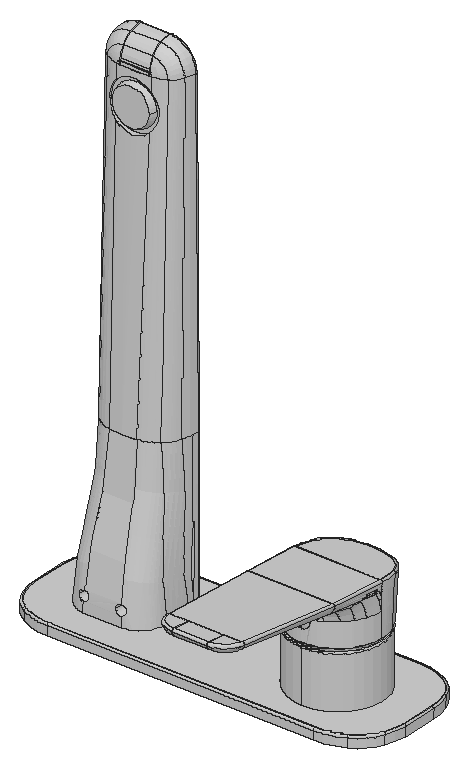
Revit family "CONTURA II WALL BASIN-BATH MIXER 220MM LF", category Plumbing Fixtures, host Face, Revit 2020
Family settings
  Host = Face
  Round Connector Dimension = Use Diameter
  Part Type = Normal
  OmniClass Number = 23.45.55.17
  OmniClass Title = Mixing Faucets
  Cut with Voids When Loaded = Yes
  Shared = No
  Room Calculation Point = No
Parameters (values of type "CONTURA II WALL BASIN-BATH MIXER 220MM LF - CHROME")
  Waste Connection = no
  Vent Connection = no
  URL = "https://www.caroma.com.au/"
  Model = "849053C6AF"
  Base_Material = GWA_Metal-Chrome
  Manufacturer = "GWA Bathrooms & Kitchens"  # constant formula
  HW Connection = yes
  Description = "CONTURA II WALL BASIN-BATH MIXER 220MM LF - CHROME"
  Default Elevation = 0 mm
  CreatedBy_ANZRS = "GWA Bathrooms & Kitchens"  # constant formula
  CW Connection = yes
  Assembly Code = "D2020300"
Types (6, lengths in mm): name | Model | Base_Material | Description
  (no name) | "849053C6AF" | GWA_Metal-Chrome | "CONTURA II WALL BASIN-BATH MIXER 220MM LF - CHROME"
  CONTURA II WALL BASIN-BATH MIXER 220MM LF - CHROME | "849053C6AF" | GWA_Metal-Chrome | "CONTURA II WALL BASIN-BATH MIXER 220MM LF - CHROME"
  CONTURA II WALL BASIN-BATH MIXER 220MM LF - MATTE BLACK | "849053B6AF" | GWA-Metal-Black | "CONTURA II WALL BASIN-BATH MIXER 220MM LF - MATTE BLACK"
  CONTURA II WALL BASIN-BATH MIXER 220MM LF - BRUSHED BRASS | "849053BB6AF" | GWA_Metal-Brushed-Brass | "CONTURA II WALL BASIN-BATH MIXER 220MM LF - BRUSHED BRASS"
  CONTURA II WALL BASIN-BATH MIXER 220MM LF - BRUSHED BRONZE | "849053BBZ6AF" | GWA_Metal-Brushed-Bronze | "CONTURA II WALL BASIN-BATH MIXER 220MM LF - BRUSHED BRONZE"
  CONTURA II WALL BASIN-BATH MIXER 220MM LF - BRUSHED NICKEL | "849053BN6AF" | GWA_Metal-Brushed-Nickel | "CONTURA II WALL BASIN-BATH MIXER 220MM LF - BRUSHED NICKEL"
Reference planes
  plane 1 "Center (Front/Back)": y = 0
  plane 2: z = 0
  plane 3 "Center (Left/Right)": x = 0
Forms (mm)
  Sweep 1, solid, material "GWA_Metal-Chrome" <- "Base_Material"
    path origin (0, 0, 0) x (1, 0, 0) y (0, 1, 0)
      loop
        arc (-114.48, 32.5) -> (-121.599, 31.638) -> (-128.307, 29.103) r 29.842
        arc (-128.307, 29.103) -> (-134.006, 24.641) -> (-137.736, 18.439) r 19.936
        arc (-137.736, 18.439) -> (-139.138, 13.597) -> (-139.781, 8.596) r 32.769
        arc (-139.781, 8.596) -> (-140, 0) -> (-139.781, -8.596) r 168.958
        arc (-139.781, -8.596) -> (-139.138, -13.597) -> (-137.736, -18.439) r 32.769
        arc (-137.736, -18.439) -> (-134.006, -24.641) -> (-128.307, -29.103) r 19.936
        arc (-128.307, -29.103) -> (-121.599, -31.638) -> (-114.48, -32.5) r 29.842
        line (-114.48, -32.5) -> (14.48, -32.5)
        arc (14.48, -32.5) -> (21.599, -31.638) -> (28.307, -29.103) r 29.842
        arc (28.307, -29.103) -> (34.006, -24.641) -> (37.736, -18.439) r 19.936
        arc (37.736, -18.439) -> (39.138, -13.597) -> (39.781, -8.596) r 32.769
        arc (39.781, -8.596) -> (40, 0) -> (39.781, 8.596) r 168.958
        arc (39.781, 8.596) -> (39.138, 13.597) -> (37.736, 18.439) r 32.769
        arc (37.736, 18.439) -> (34.006, 24.641) -> (28.307, 29.103) r 19.936
        arc (28.307, 29.103) -> (21.599, 31.638) -> (14.48, 32.5) r 29.842
        line (14.48, 32.5) -> (-114.48, 32.5)
    profile origin (-50, 32.5, 0) x (0, 1, 0) y (0, 0, 1)
      loop
        line (0, 0) -> (0, 4.2)
        arc (0, 4.2) -> (-0.293, 4.907) -> (-1, 5.2) r 1
        line (-1, 5.2) -> (-1, 0) -> (0, 0)
  Extrusion 2, solid, material "GWA_Metal-Chrome" <- "Base_Material"
    sketch origin (0, 0, 0) x (1, 0, 0) y (0, 1, 0)
      loop
        circle (0, 0) r 21.8
      loop
        arc (-114.48, 31.5) -> (-121.361, 30.667) -> (-127.844, 28.217) r 28.842
        arc (-127.844, 28.217) -> (-133.257, 23.979) -> (-136.799, 18.088) r 18.936
        arc (-136.799, 18.088) -> (-138.159, 13.393) -> (-138.782, 8.545) r 31.769
        arc (-138.782, 8.545) -> (-139, 0) -> (-138.782, -8.545) r 167.958
        arc (-138.782, -8.545) -> (-138.159, -13.393) -> (-136.799, -18.088) r 31.769
        arc (-136.799, -18.088) -> (-133.257, -23.979) -> (-127.844, -28.217) r 18.936
        arc (-127.844, -28.217) -> (-121.361, -30.667) -> (-114.48, -31.5) r 28.842
        line (-114.48, -31.5) -> (14.48, -31.5)
        arc (14.48, -31.5) -> (21.361, -30.667) -> (27.844, -28.217) r 28.842
        arc (27.844, -28.217) -> (33.257, -23.979) -> (36.799, -18.088) r 18.936
        arc (36.799, -18.088) -> (38.159, -13.393) -> (38.782, -8.545) r 31.769
        arc (38.782, -8.545) -> (39, 0) -> (38.782, 8.545) r 167.958
        arc (38.782, 8.545) -> (38.159, 13.393) -> (36.799, 18.088) r 31.769
        arc (36.799, 18.088) -> (33.257, 23.979) -> (27.844, 28.217) r 18.936
        arc (27.844, 28.217) -> (21.361, 30.667) -> (14.48, 31.5) r 28.842
        line (14.48, 31.5) -> (-114.48, 31.5)
    from 0 to 5.2
  Revolve 3, solid, material "GWA_Metal-Chrome" <- "Base_Material"
    sketch origin (0, 0, 0) x (0, 1, 0) y (0, 0, 1)
      loop
        arc (-15.92, 36.8) -> (-18.261, 34.183) -> (-20.177, 31.24) r 23
        arc (-20.177, 31.24) -> (-20.169, 30.745) -> (-19.739, 30.5) r 0.5
        line (-19.739, 30.5) -> (0, 30.5) -> (0, 36.8) -> (-15.92, 36.8)
      axis (0, 30.5) -> (0, 36.8)
    angle from 0 to 360
  Revolve 4, solid, material "GWA_Metal-Chrome" <- "Base_Material"
    sketch origin (0, 0, 0) x (0, 1, 0) y (0, 0, 1)
      loop
        line (0, 30.5) -> (-21, 30.5)
        arc (-21, 30.5) -> (-21.354, 30.354) -> (-21.5, 30) r 0.5
        line (-21.5, 30) -> (-21.5, 0) -> (0, 0) -> (0, 30.5)
      axis (0, 0) -> (0, 30.5)
    angle from 0 to 360
Lines and regions (mm)
  Masking region 1
    outline origin (0, 0, 0) x (0, 1, 0) y (0, 0, 1)
      loop
        line (32.5, 0) -> (32.5, 4.2)
        arc (32.5, 4.2) -> (32.207, 4.907) -> (31.5, 5.2) r 1
        line (31.5, 5.2) -> (21.5, 5.2) -> (21.5, 30)
        arc (21.5, 30) -> (21.354, 30.354) -> (21, 30.5) r 0.5
        line (21, 30.5) -> (-21, 30.5)
        arc (-21, 30.5) -> (-21.354, 30.354) -> (-21.5, 30) r 0.5
        line (-21.5, 30) -> (-21.5, 5.2) -> (-31.5, 5.2)
        arc (-31.5, 5.2) -> (-32.207, 4.907) -> (-32.5, 4.2) r 1
        line (-32.5, 4.2) -> (-32.5, 0) -> (32.5, 0)
      loop
        arc (-66.761, 63.338) -> (-73.285, 63.888) -> (-79.813, 64.392) r 914.227
        arc (-79.813, 64.392) -> (-84.22, 64.706) -> (-88.635, 64.998) r 914.138
        arc (-88.635, 64.998) -> (-89.418, 64.695) -> (-89.694, 63.901) r 1
        arc (-89.694, 63.901) -> (-89.223, 62.428) -> (-88.193, 61.276) r 3.705
        arc (-88.193, 61.276) -> (-86.039, 60.083) -> (-83.656, 59.463) r 9.844
        line (-83.656, 59.463) -> (-80.255, 59.02)
        arc (-80.255, 59.02) -> (-77.655, 58.68) -> (-75.055, 58.343) r 2544.513
        line (-75.055, 58.343) -> (-29.24, 52.379)
        arc (-29.24, 52.379) -> (-26.806, 51.634) -> (-24.754, 50.13) r 7.627
        arc (-24.754, 50.13) -> (-22.987, 47.769) -> (-21.878, 45.036) r 11.508
        arc (-21.878, 45.036) -> (-22.18, 41.811) -> (-21.5, 38.645) r 10.659
        line (-21.5, 38.645) -> (-21.5, 32.5) -> (21.5, 32.5) -> (21.5, 53.892)
        arc (21.5, 53.892) -> (21.262, 54.54) -> (20.661, 54.879) r 1
        arc (20.661, 54.879) -> (18.082, 55.286) -> (15.5, 55.67) r 283.348
        line (15.5, 55.67) -> (15.5, 235.279)
        arc (15.5, 235.279) -> (15.46, 241.195) -> (15.341, 247.111) r 440
        arc (15.341, 247.111) -> (15.024, 247.815) -> (14.3, 248.083) r 1
        arc (14.3, 248.083) -> (9.274, 246.686) -> (5.389, 243.206) r 11.452
        arc (5.389, 243.206) -> (2.979, 238.971) -> (1.395, 234.363) r 26.205
        arc (1.395, 234.363) -> (0.946, 230.806) -> (1.299, 227.239) r 16
        arc (1.299, 227.239) -> (1.924, 217.895) -> (-0.136, 208.76) r 32.568
        arc (-0.136, 208.76) -> (-0.367, 207.966) -> (-0.464, 207.145) r 5
        line (-0.464, 207.145) -> (-5.009, 76.98)
        arc (-5.009, 76.98) -> (-5.818, 67.491) -> (-7.573, 58.131) r 95
        line (-7.573, 58.131) -> (-66.761, 63.338)
  Masking region 2
    outline origin (0, 0, 0) x (0, 1, 0) y (0, 0, 1)
      loop
        arc (19.739, 30.5) -> (20.169, 30.745) -> (20.177, 31.24) r 0.5
        arc (20.177, 31.24) -> (19.816, 31.876) -> (19.435, 32.5) r 23
        line (19.435, 32.5) -> (-19.435, 32.5)
        arc (-19.435, 32.5) -> (-19.816, 31.876) -> (-20.177, 31.24) r 23
        arc (-20.177, 31.24) -> (-20.169, 30.745) -> (-19.739, 30.5) r 0.5
        line (-19.739, 30.5) -> (19.739, 30.5)
  Masking region 3
    outline origin (0, 0, -234.316) x (1, 0, 0) y (0, 0, 1)
      loop
        line (-140, 234.316) -> (40, 234.316) -> (40, 238.516)
        arc (40, 238.516) -> (39.707, 239.223) -> (39, 239.516) r 1
        line (39, 239.516) -> (21.5, 239.516) -> (21.5, 264.316)
        arc (21.5, 264.316) -> (21.354, 264.67) -> (21, 264.816) r 0.5
        line (21, 264.816) -> (-21, 264.816)
        arc (-21, 264.816) -> (-21.354, 264.67) -> (-21.5, 264.316) r 0.5
        line (-21.5, 264.316) -> (-21.5, 239.516) -> (-78.76, 239.516) -> (-80.141, 469.978)
        arc (-80.141, 469.978) -> (-83.609, 478.483) -> (-91.99, 482.241) r 12.347
        arc (-91.99, 482.241) -> (-100, 482.402) -> (-108.01, 482.241) r 198.646
        arc (-108.01, 482.241) -> (-116.391, 478.483) -> (-119.859, 469.978) r 12.347
        line (-119.859, 469.978) -> (-121.24, 239.516) -> (-139, 239.516)
        arc (-139, 239.516) -> (-139.707, 239.223) -> (-140, 238.516) r 1
        line (-140, 238.516) -> (-140, 234.316)
      loop
        line (-21.5, 266.816) -> (21.5, 266.816) -> (21.5, 289.422)
        arc (21.5, 289.422) -> (20.775, 293.69) -> (18.68, 297.478) r 12.917
        arc (18.68, 297.478) -> (17.817, 298.215) -> (16.742, 298.579) r 3
        arc (16.742, 298.579) -> (13.136, 298.976) -> (9.513, 299.178) r 67.649
        arc (9.513, 299.178) -> (0, 299.317) -> (-9.513, 299.178) r 327.745
        arc (-9.513, 299.178) -> (-13.136, 298.976) -> (-16.742, 298.579) r 67.649
        arc (-16.742, 298.579) -> (-17.817, 298.215) -> (-18.68, 297.478) r 3
        arc (-18.68, 297.478) -> (-20.775, 293.69) -> (-21.5, 289.422) r 12.917
        line (-21.5, 289.422) -> (-21.5, 266.816)
  Masking region 4
    outline origin (0, 0, -234.316) x (1, 0, 0) y (0, 0, 1)
      loop
        line (19.435, 266.816) -> (-19.435, 266.816)
        arc (-19.435, 266.816) -> (-19.816, 266.192) -> (-20.177, 265.556) r 23
        arc (-20.177, 265.556) -> (-20.169, 265.061) -> (-19.739, 264.816) r 0.5
        line (-19.739, 264.816) -> (19.739, 264.816)
        arc (19.739, 264.816) -> (20.169, 265.061) -> (20.177, 265.556) r 0.5
        arc (20.177, 265.556) -> (19.816, 266.192) -> (19.435, 266.816) r 23
  Masking region 5
    outline origin (0, 0, 0) x (1, 0, 0) y (0, 1, 0)
      loop
        arc (20.977, -31.784) -> (24.73, -30.684) -> (28.307, -29.103) r 29.842
        arc (28.307, -29.103) -> (34.006, -24.641) -> (37.736, -18.439) r 19.936
        arc (37.736, -18.439) -> (39.138, -13.597) -> (39.781, -8.596) r 32.769
        arc (39.781, -8.596) -> (40, 0) -> (39.781, 8.596) r 168.958
        arc (39.781, 8.596) -> (39.138, 13.597) -> (37.736, 18.439) r 32.769
        arc (37.736, 18.439) -> (34.006, 24.641) -> (28.307, 29.103) r 19.936
        arc (28.307, 29.103) -> (21.599, 31.638) -> (14.48, 32.5) r 29.842
        line (14.48, 32.5) -> (-114.48, 32.5)
        arc (-114.48, 32.5) -> (-121.599, 31.638) -> (-128.307, 29.103) r 29.842
        arc (-128.307, 29.103) -> (-134.006, 24.641) -> (-137.736, 18.439) r 19.936
        arc (-137.736, 18.439) -> (-139.138, 13.597) -> (-139.781, 8.596) r 32.769
        arc (-139.781, 8.596) -> (-140, 0) -> (-139.781, -8.596) r 168.958
        arc (-139.781, -8.596) -> (-139.138, -13.597) -> (-137.736, -18.439) r 32.769
        arc (-137.736, -18.439) -> (-134.006, -24.641) -> (-128.307, -29.103) r 19.936
        arc (-128.307, -29.103) -> (-121.599, -31.638) -> (-114.48, -32.5) r 29.842
        line (-114.48, -32.5) -> (-20.955, -32.5)
        arc (-20.955, -32.5) -> (-20.007, -55.246) -> (-18.593, -77.967) r 1110.789
        arc (-18.593, -77.967) -> (-18.119, -80.677) -> (-17.111, -83.238) r 13.668
        arc (-17.111, -83.238) -> (-13.503, -87.334) -> (-8.387, -89.236) r 11.189
        arc (-8.387, -89.236) -> (0, -89.695) -> (8.387, -89.236) r 76.764
        arc (8.387, -89.236) -> (13.503, -87.334) -> (17.111, -83.238) r 11.189
        arc (17.111, -83.238) -> (18.119, -80.677) -> (18.593, -77.967) r 13.668
        arc (18.593, -77.967) -> (20.025, -54.888) -> (20.977, -31.784) r 1110.789
  symbolic lines
    curve 1: line (-140, 0, 0) -> (40, 0, 0)
    curve 2: line (0, 32.5, 0) -> (0, 32.5, 4.2)
    curve 3: arc (0, 32.5, 4.2) -> (0, 32.207, 4.907) -> (0, 31.5, 5.2) r 1
    curve 4: line (0, 31.5, 5.2) -> (0, -31.5, 5.2)
    curve 5: arc (0, -31.5, 5.2) -> (0, -32.207, 4.907) -> (0, -32.5, 4.2) r 1
    curve 6: line (0, -32.5, 4.2) -> (0, -32.5, 0)
    curve 7: arc (-120.046, 15.043, 0) -> (-100, 15.5, 0) -> (-79.954, 15.043, 0) r 440
    curve 8: arc (-79.954, 15.043, 0) -> (-79.277, 14.735, 0) -> (-79, 14.044, 0) r 1
    curve 9: line (-79, 14.044, 0) -> (-79, -4.7, 0)
    curve 10: arc (-79, -4.7, 0) -> (-82.749, -13.751, 0) -> (-91.8, -17.5, 0) r 12.8
    curve 11: line (-91.8, -17.5, 0) -> (-108.2, -17.5, 0)
    curve 12: arc (-108.2, -17.5, 0) -> (-117.251, -13.751, 0) -> (-121, -4.7, 0) r 12.8
    curve 13: line (-121, -4.7, 0) -> (-121, 14.044, 0)
    curve 14: arc (-121, 14.044, 0) -> (-120.723, 14.735, 0) -> (-120.046, 15.043, 0) r 1
    curve 15: arc (-81.101, 15.094, 0) -> (-80.395, 14.758, 0) -> (-80.147, 14.016, 0) r 1
    curve 16: arc (-80.147, 14.016, 0) -> (-80.544, 11.414, 0) -> (-81.315, 8.898, 0) r 18.125
    curve 17: arc (-81.315, 8.898, 0) -> (-82.941, 6.188, 0) -> (-85.383, 4.181, 0) r 9.288
    curve 18: arc (-85.383, 4.181, 0) -> (-88.333, 2.878, 0) -> (-91.485, 2.198, 0) r 15.913
    curve 19: arc (-91.485, 2.198, 0) -> (-95.736, 1.842, 0) -> (-100, 1.724, 0) r 76.742
    curve 20: arc (-100, 1.724, 0) -> (-104.264, 1.842, 0) -> (-108.515, 2.198, 0) r 76.742
    curve 21: arc (-108.515, 2.198, 0) -> (-111.667, 2.878, 0) -> (-114.617, 4.181, 0) r 15.913
    curve 22: arc (-114.617, 4.181, 0) -> (-117.059, 6.188, 0) -> (-118.685, 8.898, 0) r 9.288
    curve 23: arc (-118.685, 8.898, 0) -> (-119.456, 11.414, 0) -> (-119.853, 14.016, 0) r 18.125
    curve 24: arc (-119.853, 14.016, 0) -> (-119.605, 14.758, 0) -> (-118.899, 15.094, 0) r 1
    curve 25: arc (-109.533, 0.901, 0) -> (-110.724, 1.327, 0) -> (-111.875, 1.85, 0) r 15.173
    curve 26: arc (-111.875, 1.85, 0) -> (-109.963, 1.329, 0) -> (-108.004, 1.027, 0) r 17.63
    curve 27: arc (-108.004, 1.027, 0) -> (-106.445, 0.924, 0) -> (-104.883, 0.919, 0) r 25
    curve 28: arc (-104.883, 0.919, 0) -> (-100, 0.987, 0) -> (-95.117, 0.919, 0) r 174.541
    curve 29: arc (-95.117, 0.919, 0) -> (-93.555, 0.924, 0) -> (-91.996, 1.027, 0) r 25
    curve 30: arc (-91.996, 1.027, 0) -> (-90.037, 1.329, 0) -> (-88.125, 1.85, 0) r 17.63
    curve 31: arc (-88.125, 1.85, 0) -> (-89.276, 1.327, 0) -> (-90.467, 0.901, 0) r 15.173
    curve 32: spline (-100, -0.189, 0) -> (-101.193, -0.191, 0) -> (-102.364, -0.2, 0) -> (-103.495, -0.213, 0) -> (-104.564, -0.232, 0) -> (-105.554, -0.255, 0) -> (-106.447, -0.283, 0) -> (-107.228, -0.314, 0) -> (-107.883, -0.349, 0) -> (-108.4, -0.387, 0) -> (-108.77, -0.427, 0) -> (-108.988, -0.468, 0) -> (-109.049, -0.509, 0)
    curve 33: spline (-109.049, -0.509, 0) -> (-108.955, -0.55, 0) -> (-108.711, -0.59, 0) -> (-108.321, -0.629, 0) -> (-107.792, -0.665, 0) -> (-107.131, -0.699, 0) -> (-106.351, -0.729, 0) -> (-105.464, -0.756, 0) -> (-104.485, -0.779, 0) -> (-103.432, -0.797, 0) -> (-102.32, -0.81, 0) -> (-101.17, -0.818, 0) -> (-100, -0.82, 0)
    curve 34: spline (-100, -0.82, 0) -> (-97.658, -0.809, 0) -> (-95.475, -0.778, 0) -> (-93.601, -0.728, 0) -> (-92.162, -0.662, 0) -> (-91.258, -0.586, 0) -> (-90.95, -0.504, 0) -> (-91.258, -0.423, 0) -> (-92.162, -0.346, 0) -> (-93.601, -0.281, 0) -> (-95.475, -0.231, 0) -> (-97.658, -0.199, 0) -> (-100, -0.189, 0)
    curve 35: arc (-109.619, 1.26, 0) -> (-109.376, 0.362, 0) -> (-109.049, -0.509, 0) r 9.85
    curve 36: arc (-90.381, 1.26, 0) -> (-90.624, 0.362, 0) -> (-90.951, -0.509, 0) r 9.85
    curve 37: arc (-10.33, 20.028, 0) -> (0, 21.503, 0) -> (10.33, 20.028, 0) r 36.892
    curve 38: arc (10.33, 20.028, 0) -> (16.721, 16.153, 0) -> (20.325, 9.606, 0) r 14.468
    curve 39: arc (20.325, 9.606, 0) -> (21.211, 4.765, 0) -> (21.5, -0.148, 0) r 40.318
    curve 40: arc (21.5, -0.148, 0) -> (20.729, -39.083, 0) -> (18.593, -77.967, 0) r 1110.789
    curve 41: arc (18.593, -77.967, 0) -> (18.119, -80.677, 0) -> (17.111, -83.238, 0) r 13.668
    curve 42: arc (17.111, -83.238, 0) -> (13.503, -87.334, 0) -> (8.387, -89.236, 0) r 11.189
    curve 43: arc (8.387, -89.236, 0) -> (0, -89.695, 0) -> (-8.387, -89.236, 0) r 76.764
    curve 44: arc (-10.33, 20.028, 0) -> (-16.721, 16.153, 0) -> (-20.325, 9.606, 0) r 14.468
    curve 45: arc (-20.325, 9.606, 0) -> (-21.211, 4.765, 0) -> (-21.5, -0.148, 0) r 40.318
    curve 46: arc (-21.5, -0.148, 0) -> (-20.729, -39.083, 0) -> (-18.593, -77.967, 0) r 1110.789
    curve 47: arc (-18.593, -77.967, 0) -> (-18.119, -80.677, 0) -> (-17.111, -83.238, 0) r 13.668
    curve 48: arc (-17.111, -83.238, 0) -> (-13.503, -87.334, 0) -> (-8.387, -89.236, 0) r 11.189
    curve 49: line (-139, 0, 5.2) -> (39, 0, 5.2)
    curve 50: line (21.5, 0, 5.2) -> (21.5, 0, 30)
    curve 51: arc (21.5, 0, 30) -> (21.354, 0, 30.354) -> (21, 0, 30.5) r 0.5
    curve 52: line (21, 0, 30.5) -> (-21, 0, 30.5)
    curve 53: arc (-21, 0, 30.5) -> (-21.354, 0, 30.354) -> (-21.5, 0, 30) r 0.5
    curve 54: line (-21.5, 0, 30) -> (-21.5, 0, 5.2)
    curve 55: line (21.5, 0, 32.5) -> (21.5, 0, 55.106)
    curve 56: arc (21.5, 0, 55.106) -> (20.775, 0, 59.374) -> (18.68, 0, 63.162) r 12.917
    curve 57: arc (18.68, 0, 63.162) -> (17.817, 0, 63.899) -> (16.742, 0, 64.263) r 3
    curve 58: arc (16.742, 0, 64.263) -> (13.136, 0, 64.66) -> (9.513, 0, 64.862) r 67.649
    curve 59: arc (9.513, 0, 64.862) -> (0, 0, 65) -> (-9.513, 0, 64.862) r 327.745
    curve 60: arc (-9.513, 0, 64.862) -> (-13.136, 0, 64.66) -> (-16.742, 0, 64.263) r 67.649
    curve 61: arc (-16.742, 0, 64.263) -> (-17.817, 0, 63.899) -> (-18.68, 0, 63.162) r 3
    curve 62: arc (-18.68, 0, 63.162) -> (-20.775, 0, 59.374) -> (-21.5, 0, 55.106) r 12.917
    curve 63: line (-21.5, 0, 55.106) -> (-21.5, 0, 32.5)
    curve 64: line (-21.5, 0, 32.5) -> (21.5, 0, 32.5)
    curve 65: arc (-21.242, 0, 57.673) -> (-20.943, 0, 56.16) -> (-19.656, 0, 55.31) r 2
    curve 66: arc (-19.656, 0, 55.31) -> (-16.208, 0, 54.811) -> (-12.73, 0, 54.616) r 39.62
    curve 67: arc (-12.73, 0, 54.616) -> (0, 0, 54.54) -> (12.73, 0, 54.616) r 1065.533
    curve 68: arc (12.73, 0, 54.616) -> (16.208, 0, 54.811) -> (19.656, 0, 55.31) r 39.62
    curve 69: arc (19.656, 0, 55.31) -> (20.943, 0, 56.16) -> (21.242, 0, 57.673) r 2
    curve 70: arc (-19.739, 0, 30.5) -> (-20.169, 0, 30.745) -> (-20.177, 0, 31.24) r 0.5
    curve 71: arc (-20.177, 0, 31.24) -> (-19.816, 0, 31.876) -> (-19.435, 0, 32.5) r 23
    curve 72: arc (19.435, 0, 32.5) -> (19.816, 0, 31.876) -> (20.177, 0, 31.24) r 23
    curve 73: arc (20.177, 0, 31.24) -> (20.169, 0, 30.745) -> (19.739, 0, 30.5) r 0.5
    curve 74: line (0, 32.5, 0) -> (0, -32.5, 0)
    curve 75: line (0, -21.5, 5.2) -> (0, -21.5, 30)
    curve 76: arc (0, -21.5, 30) -> (0, -21.354, 30.354) -> (0, -21, 30.5) r 0.5
    curve 77: line (0, -21, 30.5) -> (0, 21, 30.5)
    curve 78: arc (0, 21, 30.5) -> (0, 21.354, 30.354) -> (0, 21.5, 30) r 0.5
    curve 79: line (0, 21.5, 30) -> (0, 21.5, 5.2)
    curve 80: arc (0, -19.739, 30.5) -> (0, -20.169, 30.745) -> (0, -20.177, 31.24) r 0.5
    curve 81: arc (0, -20.177, 31.24) -> (0, -19.816, 31.876) -> (0, -19.435, 32.5) r 23
    curve 82: arc (0, 19.739, 30.5) -> (0, 20.169, 30.745) -> (0, 20.177, 31.24) r 0.5
    curve 83: arc (0, 20.177, 31.24) -> (0, 19.816, 31.876) -> (0, 19.435, 32.5) r 23
    curve 84: line (0, -80.255, 59.02) -> (0, -83.656, 59.463)
    curve 85: arc (0, -83.656, 59.463) -> (0, -86.039, 60.083) -> (0, -88.193, 61.276) r 9.844
    curve 86: arc (0, -88.193, 61.276) -> (0, -89.223, 62.428) -> (0, -89.694, 63.901) r 3.705
    curve 87: arc (0, -89.694, 63.901) -> (0, -89.418, 64.695) -> (0, -88.635, 64.998) r 1
    curve 88: arc (0, -88.629, 64.998) -> (0, -84.22, 64.706) -> (0, -79.813, 64.392) r 914.138
    curve 89: arc (0, -79.813, 64.392) -> (0, -73.285, 63.888) -> (0, -66.761, 63.338) r 914.227
    curve 90: line (0, -66.761, 63.338) -> (0, -0.092, 57.473)
    curve 91: arc (0, -0.092, 57.473) -> (0, 10.308, 56.367) -> (0, 20.661, 54.879) r 283.348
    curve 92: arc (0, 20.661, 54.879) -> (0, 21.262, 54.54) -> (0, 21.5, 53.892) r 1
    curve 93: line (0, 21.5, 53.892) -> (0, 21.5, 32.5)
    curve 94: line (0, 21.5, 32.5) -> (0, -21.5, 32.5)
    curve 95: line (0, -21.5, 32.5) -> (0, -21.5, 42.111)
    curve 96: arc (0, -21.5, 42.111) -> (0, -22.344, 46.438) -> (0, -24.754, 50.13) r 11.508
    curve 97: arc (0, -24.754, 50.13) -> (0, -26.806, 51.634) -> (0, -29.24, 52.379) r 7.627
    curve 98: line (0, -29.24, 52.379) -> (0, -75.055, 58.343)
    curve 99: arc (0, -75.055, 58.343) -> (0, -77.655, 58.68) -> (0, -80.255, 59.02) r 2544.513
    curve 100: arc (0, -21.5, 38.645) -> (0, -22.18, 41.811) -> (0, -21.878, 45.036) r 10.659
    curve 101: arc (0, -21.5, 38.642) -> (0, -21.294, 41.472) -> (0, -21.706, 44.279) r 13.018
    curve 102: arc (0, -89.393, 64.72) -> (0, -88.8, 64.532) -> (0, -88.185, 64.431) r 4.336
    curve 103: line (0, -88.185, 64.431) -> (0, 18.628, 54.655)
    curve 104: arc (0, 18.628, 54.655) -> (0, 19.694, 54.58) -> (0, 20.762, 54.552) r 24.649
    curve 105: line (40, 0, 0) -> (40, 0, 4.2)
    curve 106: line (-140, 0, 0) -> (-140, 0, 4.2)
    curve 107: arc (40, 0, 4.2) -> (39.707, 0, 4.907) -> (39, 0, 5.2) r 1
    curve 108: arc (-139, 0, 5.2) -> (-139.707, 0, 4.907) -> (-140, 0, 4.2) r 1
    curve 109: line (14.48, 32.5, 0) -> (-114.48, 32.5, 0)
    curve 110: arc (-128.307, 29.103, 0) -> (-121.599, 31.638, 0) -> (-114.48, 32.5, 0) r 29.842
    curve 111: arc (-137.736, 18.439, 0) -> (-134.006, 24.641, 0) -> (-128.307, 29.103, 0) r 19.936
    curve 112: arc (-139.781, 8.596, 0) -> (-139.138, 13.597, 0) -> (-137.736, 18.439, 0) r 32.769
    curve 113: arc (-139.781, -8.596, 0) -> (-140, 0, 0) -> (-139.781, 8.596, 0) r 168.958
    curve 114: arc (-137.736, -18.439, 0) -> (-139.138, -13.597, 0) -> (-139.781, -8.596, 0) r 32.769
    curve 115: arc (-128.307, -29.103, 0) -> (-134.006, -24.641, 0) -> (-137.736, -18.439, 0) r 19.936
    curve 116: arc (-114.48, -32.5, 0) -> (-121.599, -31.638, 0) -> (-128.307, -29.103, 0) r 29.842
    curve 117: line (-114.48, -32.5, 0) -> (-20.955, -32.5, 0)
    curve 118: arc (28.307, -29.103, 0) -> (24.73, -30.684, 0) -> (20.977, -31.784, 0) r 29.842
    curve 119: arc (37.736, -18.439, 0) -> (34.006, -24.641, 0) -> (28.307, -29.103, 0) r 19.936
    curve 120: arc (39.781, -8.596, 0) -> (39.138, -13.597, 0) -> (37.736, -18.439, 0) r 32.769
    curve 121: arc (39.781, 8.596, 0) -> (40, 0, 0) -> (39.781, -8.596, 0) r 168.958
    curve 122: arc (28.307, 29.103, 0) -> (34.006, 24.641, 0) -> (37.736, 18.439, 0) r 19.936
    curve 123: arc (37.736, 18.439, 0) -> (39.138, 13.597, 0) -> (39.781, 8.596, 0) r 32.769
    curve 124: arc (14.48, 32.5, 0) -> (21.599, 31.638, 0) -> (28.307, 29.103, 0) r 29.842
    curve 125: arc (0, -7.573, 58.131) -> (0, -5.818, 67.491) -> (0, -5.009, 76.98) r 95
    curve 126: line (0, -5.009, 76.98) -> (0, -0.464, 207.145)
    curve 127: arc (0, -0.464, 207.145) -> (0, -0.367, 207.966) -> (0, -0.136, 208.76) r 5
    curve 128: arc (0, -0.136, 208.76) -> (0, 1.924, 217.895) -> (0, 1.299, 227.239) r 32.568
    curve 129: arc (0, 1.299, 227.239) -> (0, 0.946, 230.806) -> (0, 1.395, 234.363) r 16
    curve 130: arc (0, 1.395, 234.363) -> (0, 2.979, 238.971) -> (0, 5.389, 243.206) r 26.205
    curve 131: arc (0, 5.389, 243.206) -> (0, 9.274, 246.686) -> (0, 14.3, 248.083) r 11.452
    curve 132: arc (0, 14.3, 248.083) -> (0, 15.024, 247.815) -> (0, 15.341, 247.111) r 1
    curve 133: arc (0, 15.341, 247.111) -> (0, 15.46, 241.195) -> (0, 15.5, 235.279) r 440
    curve 134: line (0, 15.5, 55.67) -> (0, 15.5, 235.279)
    curve 135: line (0, 14.736, 55.779) -> (0, 14.736, 238.759)
    curve 136: arc (0, 14.736, 238.759) -> (0, 14.772, 242.92) -> (0, 14.88, 247.079) r 241.024
    curve 137: line (0, 0.447, 210.413) -> (0, -0.82, 210.914)
    curve 138: line (0, -0.82, 210.914) -> (0, -0.16, 229.832)
    curve 139: line (0, -0.16, 229.832) -> (0, 0.949, 230.182)
    curve 140: line (-78.76, 0, 5.2) -> (-80.141, 0, 235.661)
    curve 141: arc (-80.141, 0, 235.661) -> (-83.609, 0, 244.167) -> (-91.99, 0, 247.924) r 12.347
    curve 142: arc (-91.99, 0, 247.924) -> (-100, 0, 248.086) -> (-108.01, 0, 247.924) r 198.646
    curve 143: arc (-108.01, 0, 247.924) -> (-116.391, 0, 244.167) -> (-119.859, 0, 235.661) r 12.347
    curve 144: line (-119.859, 0, 235.661) -> (-121.24, 0, 5.2)
Dimensions and locks
  aligned and locked: plane 2 to host face
  aligned and locked: level to host face
Nested families
  nested 1: "CONTURA_HANDLE" at (0, 0, 32.5), type "CONTURA LEVER HANDLE"
  nested 2: "CONTURA II OUTLET 220MM LF" at (-100, 0, 0), type "CONTURA II OUTLET 220MM LF"
Connectors
  piping at (-10, 0, 0), diameter 20
    settings: index 1, connector inside diameter 609.6 mm, connector length 0 mm, flow factor 0, pipe flow 0.0 L/s, pressure drop 0.0 Pa, fitting loss kfactor 0, connector angle 0.00°, fixture units 0, engagement length 0 mm, angle of deflection 0.00°, flow configuration 3, flow direction 1, fitting loss method 0, system type 19, joint type 0, gender type 0, connector reference index -1, connector utility 0, adjustable connector no, is connector primary yes, connector description ""
  piping at (10, 0, 0), diameter 20
    settings: index 2, connector inside diameter 609.6 mm, connector length 0 mm, flow factor 0, pipe flow 0.0 L/s, pressure drop 0.0 Pa, fitting loss kfactor 0, connector angle 0.00°, fixture units 0, engagement length 0 mm, angle of deflection 0.00°, flow configuration 3, flow direction 1, fitting loss method 0, system type 20, joint type 0, gender type 0, connector reference index -1, connector utility 0, adjustable connector no, is connector primary no, connector description ""
Definition of nested family "CONTURA_HANDLE"
  Parameters (values of type "CONTURA LEVER HANDLE")
    Waste Connection = no
    Vent Connection = no
    URL = "https://www.caroma.com.au/"
    Model = ""
    Base_Material = none
    Manufacturer = "GWA Bathrooms & Kitchens"  # constant formula
    HW Connection = no
    Description = "CONTURA LEVER HANDLE"
    Default Elevation = 0 mm
    CreatedBy_ANZRS = "GWA Bathrooms & Kitchens"  # constant formula
    CW Connection = no
    Assembly Code = "D2020300"
  Reference planes
    plane 1 "Center (Front/Back)": y = 0
    plane 2: z = 0
    plane 3 "Center (Left/Right)": x = 0
  Forms (mm)
    Extrusion 1, solid
      sketch origin (0, -419.2, 0) x (1, 0, 0) y (0, 1, 0)
        loop
          line (-1219.2, 1219.2) -> (-1219.2, -380.8) -> (1219.2, -380.8) -> (1219.2, 1219.2) -> (-1219.2, 1219.2)
      from 0 to -304.8
    Blend 2, solid, material <- "Base_Material"
      base sketch origin (0, -84.666, 7.407) x (0, 0.087156, 0.996195) y (1, 0, 0)
        loop
          line (17.241, 8.654) -> (17.241, -8.654)
          arc (17.241, -8.654) -> (17.437, -12.074) -> (18.021, -15.451) r 30
          arc (18.021, -15.451) -> (18.665, -17.308) -> (19.676, -18.992) r 9.459
          arc (19.676, -18.992) -> (21.181, -20.354) -> (23.083, -21.059) r 5.359
          arc (23.083, -21.059) -> (23.869, -20.855) -> (24.245, -20.135) r 1
          arc (24.245, -20.135) -> (24.883, 0) -> (24.245, 20.135) r 317.774
          arc (24.245, 20.135) -> (23.869, 20.855) -> (23.083, 21.059) r 1
          arc (23.083, 21.059) -> (21.181, 20.354) -> (19.676, 18.992) r 5.359
          arc (19.676, 18.992) -> (18.665, 17.308) -> (18.023, 15.45) r 9.459
          arc (18.023, 15.45) -> (17.437, 12.074) -> (17.241, 8.654) r 30
      top sketch origin (0, -84.666, 7.407) x (0, 0.087156, 0.996195) y (1, 0, 0)
        loop
          arc (19.549, -8.412) -> (20.175, -12.472) -> (21.304, -16.421) r 32.683
          arc (21.304, -16.421) -> (22.196, -17.723) -> (23.617, -18.412) r 3.08
          arc (23.617, -18.412) -> (24.444, -18.203) -> (24.808, -17.431) r 1
          line (24.808, -17.431) -> (24.808, 17.431)
          arc (24.808, 17.431) -> (24.444, 18.203) -> (23.617, 18.412) r 1
          arc (23.617, 18.412) -> (22.196, 17.723) -> (21.304, 16.421) r 3.08
          arc (21.304, 16.421) -> (20.175, 12.472) -> (19.549, 8.412) r 32.683
          line (19.549, 8.412) -> (19.549, -8.412)
      from 54.454 to 2.9
    Blend 3, solid, material <- "Base_Material"
      base sketch origin (0, -84.666, 7.407) x (0, 0.087156, 0.996195) y (1, 0, 0)
        loop
          arc (23.883, -21.5) -> (24.591, -21.207) -> (24.883, -20.5) r 1
          line (24.883, -20.5) -> (24.883, 20.5)
          arc (24.883, 20.5) -> (24.591, 21.207) -> (23.883, 21.5) r 1
          line (23.883, 21.5) -> (20.141, 21.5)
          arc (20.141, 21.5) -> (18.593, 21.357) -> (17.098, 20.931) r 8.428
          arc (17.098, 20.931) -> (16.256, 20.193) -> (15.943, 19.119) r 2
          line (15.943, 19.119) -> (15.943, -21.5) -> (17.943, -21.5) -> (19.943, -21.5) -> (23.883, -21.5)
      top sketch origin (0, -84.666, 7.407) x (0, 0.087156, 0.996195) y (1, 0, 0)
        loop
          arc (24.245, -20.135) -> (24.883, 0) -> (24.245, 20.135) r 317.774
          arc (24.245, 20.135) -> (23.869, 20.855) -> (23.083, 21.059) r 1
          arc (23.083, 21.059) -> (21.181, 20.354) -> (19.676, 18.992) r 5.359
          arc (19.676, 18.992) -> (18.665, 17.308) -> (18.023, 15.45) r 9.459
          arc (18.023, 15.45) -> (17.437, 12.074) -> (17.241, 8.654) r 30
          line (17.241, 8.654) -> (17.241, -8.654)
          arc (17.241, -8.654) -> (17.437, -12.074) -> (18.021, -15.451) r 30
          arc (18.021, -15.451) -> (18.665, -17.308) -> (19.676, -18.992) r 9.459
          arc (19.676, -18.992) -> (21.181, -20.354) -> (23.083, -21.059) r 5.359
          arc (23.083, -21.059) -> (23.869, -20.855) -> (24.245, -20.135) r 1
      from 82.9 to 54.454
    Extrusion 4, void
      sketch origin (0, 0, 0) x (0, 1, 0) y (0, 0, 1)
        loop
          line (24.225, 27.95) -> (-23.063, 27.95) -> (-23.063, 25.992) -> (24.225, 21.855) -> (24.225, 27.95)
      from -25 to 25
    SweptBlend 5, solid, material <- "Base_Material"
      path origin (0, 0, 0) x (0, 1, 0) y (0, 0, 1)
        loop
          arc (-21.51, 11.753) -> (-23.642, 17.235) -> (-28.917, 19.837) r 8.114
      profile origin (0, -21.51, 11.753) x (0, -1, 0) y (1, 0, 0)
        loop
          arc (-1.993, 9.019) -> (-3.401, 11.59) -> (-5.146, 13.945) r 21.5
          arc (-5.146, 13.945) -> (-7.195, 16.041) -> (-9.51, 17.84) r 21.5
          arc (-9.51, 17.84) -> (-11.646, 19.104) -> (-13.914, 20.113) r 21.5
          arc (-13.914, 20.113) -> (-17.649, 21.151) -> (-21.51, 21.5) r 21.5
          line (-21.51, 21.5) -> (-28.283, 21.5) -> (-28.283, -21.5) -> (-21.51, -21.5)
          arc (-21.51, -21.5) -> (-17.649, -21.151) -> (-13.914, -20.113) r 21.5
          arc (-13.914, -20.113) -> (-11.625, -19.093) -> (-9.47, -17.813) r 21.5
          arc (-9.47, -17.813) -> (-7.223, -16.066) -> (-5.226, -14.038) r 21.5
          arc (-5.226, -14.038) -> (-3.668, -11.996) -> (-2.364, -9.783) r 21.5
          arc (-2.364, -9.783) -> (-0.014, -0.425) -> (-1.993, 9.019) r 21.5
      end profile origin (0, -28.917, 19.837) x (0, -0.087156, -0.996195) y (1, 0, 0)
        loop
          line (-5.842, 21.059) -> (-12.882, 21.059) -> (-18.539, 21.059) -> (-18.539, -21.059) -> (-12.882, -21.059) -> (-5.842, -21.059)
          arc (-5.842, -21.059) -> (-3.94, -20.354) -> (-2.435, -18.992) r 5.359
          arc (-2.435, -18.992) -> (-1.424, -17.308) -> (-0.78, -15.451) r 9.459
          arc (-0.78, -15.451) -> (-0.196, -12.074) -> (0, -8.654) r 30
          line (0, -8.654) -> (0, 8.654)
          arc (0, 8.654) -> (-0.196, 12.074) -> (-0.782, 15.45) r 30
          arc (-0.782, 15.45) -> (-1.424, 17.308) -> (-2.435, 18.992) r 9.459
          arc (-2.435, 18.992) -> (-3.94, 20.354) -> (-5.842, 21.059) r 5.359
    Extrusion 6, void
      sketch origin (0, 0, 0) x (0, 1, 0) y (0, 0, 1)
        loop
          line (-30.849, 25.471) -> (0, 22.772) -> (0, 9.64) -> (10.636, 9.64) -> (10.636, 40.388) -> (-30.849, 40.388) -> (-30.849, 25.471)
      from -25 to 25
    Revolve 7, solid, material <- "Base_Material"
      sketch origin (0, 0, 0) x (0, 1, 0) y (0, 0, 1)
        loop
          arc (-21.493, 13.741) -> (-22.017, 11.873) -> (-22.193, 9.941) r 10.662
          line (-22.193, 9.941) -> (-20.117, 9.941) -> (-20.117, 13.741) -> (-21.493, 13.741)
        axis (-22.193, 9.941) -> (-20.117, 9.941)
      angle from 0 to 360
    Extrusion 8, void
      sketch origin (0, 0, 0) x (1, 0, 0) y (0, 0, 1)
        loop
          circle (0, 9.941) r 4
      from 20.117 to 23.797
    Blend 9, solid, material <- "Base_Material"
      base sketch origin (0, -149.897, 0) x (1, 0, 0) y (0, 1, 0)
        loop
          arc (19.401, 159.162) -> (15.265, 165.038) -> (9.423, 169.222) r 21.5
          arc (9.423, 169.222) -> (2.551, 171.245) -> (-4.605, 170.898) r 21.5
          arc (-4.605, 170.898) -> (-13.361, 166.742) -> (-19.401, 159.162) r 21.5
          arc (-19.401, 159.162) -> (-20.957, 154.697) -> (-21.5, 150) r 21.5
          arc (-21.5, 150) -> (0, 128.397) -> (21.5, 150) r 21.5
          arc (21.5, 150) -> (20.957, 154.697) -> (19.401, 159.162) r 21.5
      top sketch origin (0, -149.897, 0) x (1, 0, 0) y (0, 1, 0)
        loop
          arc (-21.5, 149.897) -> (0, 128.397) -> (21.5, 149.897) r 21.5
          arc (21.5, 149.897) -> (21.208, 154.785) -> (20.325, 159.602) r 40.318
          arc (20.325, 159.602) -> (16.721, 166.149) -> (10.33, 170.024) r 14.468
          arc (10.33, 170.024) -> (0, 171.5) -> (-10.33, 170.024) r 36.892
          arc (-10.33, 170.024) -> (-16.721, 166.149) -> (-20.325, 159.602) r 14.468
          arc (-20.325, 159.602) -> (-21.208, 154.785) -> (-21.5, 149.897) r 40.318
      from 0 to 27.816
    Sweep 10, solid, material <- "Base_Material"
      path origin (0, 2.082, 23.793) x (0, -0.996195, 0.087156) y (1, 0, 0)
        loop
          arc (2.09, 21.5) -> (-2.887, 21.158) -> (-7.766, 20.116) r 35.224
          arc (-7.766, 20.116) -> (-14.082, 16.381) -> (-17.953, 10.148) r 15.393
          arc (-17.953, 10.148) -> (-19.543, 0.512) -> (-18.292, -9.173) r 33.557
          arc (-18.292, -9.173) -> (-14.42, -15.999) -> (-7.744, -20.122) r 15.796
          arc (-7.744, -20.122) -> (-2.876, -21.159) -> (2.09, -21.5) r 35.224
      profile origin (0.512, 21.55, 22.089) x (-0.017548, -0.996041, 0.087142) y (0, 0.087156, 0.996195)
        loop
          arc (1, 1) -> (0.293, 0.707) -> (0, 0) r 1
          line (0, 0) -> (1, 0) -> (1, 1)
    Extrusion 11, solid, material <- "Base_Material"
      sketch origin (0, 2.082, 23.793) x (0, -0.996195, 0.087156) y (1, 0, 0)
        loop
          arc (2.09, 20.5) -> (-2.744, 20.168) -> (-7.482, 19.157) r 34.224
          arc (-7.482, 19.157) -> (-13.384, 15.665) -> (-17, 9.843) r 14.393
          arc (-17, 9.843) -> (-18.543, 0.489) -> (-17.324, -8.911) r 32.557
          arc (-17.324, -8.911) -> (-13.704, -15.302) -> (-7.457, -19.164) r 14.796
          arc (-7.457, -19.164) -> (-2.731, -20.17) -> (2.09, -20.5) r 34.224
          line (2.09, -20.5) -> (2.09, 20.5)
      from 0 to 1
    Revolve 12, solid, material <- "Base_Material"
      sketch origin (0, -81.777, 7.155) x (0, 0.087156, 0.996195) y (1, 0, 0)
        loop
          line (19.549, 8.412) -> (24.808, 8.412) -> (24.808, 17.431)
          arc (24.808, 17.431) -> (24.444, 18.203) -> (23.617, 18.412) r 1
          arc (23.617, 18.412) -> (22.196, 17.723) -> (21.304, 16.421) r 3.08
          arc (21.304, 16.421) -> (20.175, 12.472) -> (19.549, 8.412) r 32.683
        axis (19.549, 8.412) -> (24.808, 8.412)
      angle from 90 to 0
    Revolve 13, solid, material <- "Base_Material"
      sketch origin (0, -81.777, 7.155) x (0, 0.087156, 0.996195) y (-1, 0, 0)
        loop
          line (19.549, 8.412) -> (24.808, 8.412) -> (24.808, 17.431)
          arc (24.808, 17.431) -> (24.444, 18.203) -> (23.617, 18.412) r 1
          arc (23.617, 18.412) -> (22.196, 17.723) -> (21.304, 16.421) r 3.08
          arc (21.304, 16.421) -> (20.175, 12.472) -> (19.549, 8.412) r 32.683
        axis (19.549, 8.412) -> (24.808, 8.412)
      angle from 90 to 0
    Extrusion 14, solid, material <- "Base_Material"
      sketch origin (0, 0, 0) x (0, 1, 0) y (0, 0, 1)
        loop
          arc (-87.898, 29.075) -> (-84.063, 27.606) -> (-80.073, 26.629) r 32.683
          line (-80.073, 26.629) -> (-79.615, 31.868) -> (-88.599, 32.654)
          arc (-88.599, 32.654) -> (-89.4, 32.359) -> (-89.681, 31.553) r 1
          arc (-89.681, 31.553) -> (-89.118, 30.078) -> (-87.898, 29.075) r 3.08
      from -8.412 to 8.412
  Cuts and joins
    Extrusion 6, Extrusion 8 cuts SweptBlend 5
    Extrusion 4, Extrusion 8 cuts Blend 9
  Dimensions and locks
    aligned and locked: plane 2 to Extrusion 1
    aligned and locked: level to Extrusion 1
Definition of nested family "CONTURA II OUTLET 220MM LF"
  Parameters (values of type "CONTURA II OUTLET 220MM LF")
    Waste Connection = no
    Vent Connection = no
    URL = "https://www.caroma.com.au/"
    Model = ""
    Base_Material = none
    Manufacturer = "GWA Bathrooms & Kitchens"  # constant formula
    HW Connection = no
    Description = "CONTURA II OUTLET 220MM LF"
    Default Elevation = 0 mm
    CreatedBy_ANZRS = "GWA Bathrooms & Kitchens"  # constant formula
    CW Connection = no
    Assembly Code = "D2020300"
  Reference planes
    plane 1 "Center (Front/Back)": y = 0
    plane 2: z = 0
    plane 3 "Center (Left/Right)": x = 0
  Forms (mm)
    Extrusion 1, solid
      sketch origin (0, -419.2, 0) x (1, 0, 0) y (0, 1, 0)
        loop
          line (-1219.2, 1219.2) -> (-1219.2, -380.8) -> (1219.2, -380.8) -> (1219.2, 1219.2) -> (-1219.2, 1219.2)
      from 0 to -304.8
    Blend 2, solid, material <- "Base_Material"
      base sketch origin (0, 0, 0) x (1, 0, 0) y (0, 1, 0)
        loop
          arc (-20.01, 15.5) -> (-20.721, 15.203) -> (-21.01, 14.489) r 1
          arc (-21.01, 14.489) -> (-20.594, 10.256) -> (-19.456, 6.158) r 24.59
          arc (-19.456, 6.158) -> (-17.594, 2.485) -> (-14.963, -0.683) r 18.455
          arc (-14.963, -0.683) -> (-11.015, -3.379) -> (-6.403, -4.633) r 14.39
          arc (-6.403, -4.633) -> (0, -4.949) -> (6.403, -4.633) r 65.068
          arc (6.403, -4.633) -> (11.015, -3.379) -> (14.963, -0.683) r 14.39
          arc (14.963, -0.683) -> (17.594, 2.485) -> (19.456, 6.158) r 18.455
          arc (19.456, 6.158) -> (20.594, 10.256) -> (21.01, 14.489) r 24.59
          arc (21.01, 14.489) -> (20.721, 15.203) -> (20.01, 15.5) r 1
          line (20.01, 15.5) -> (-20.01, 15.5)
      top sketch origin (0, 0, 0) x (1, 0, 0) y (0, 1, 0)
        loop
          arc (-8.515, 2.198) -> (0, 1.724) -> (8.515, 2.198) r 76.742
          arc (8.515, 2.198) -> (11.667, 2.878) -> (14.617, 4.181) r 15.913
          arc (14.617, 4.181) -> (17.059, 6.188) -> (18.685, 8.898) r 9.288
          arc (18.685, 8.898) -> (19.502, 11.624) -> (19.882, 14.445) r 18.125
          arc (19.882, 14.445) -> (19.61, 15.187) -> (18.884, 15.5) r 1
          line (18.884, 15.5) -> (-18.884, 15.5)
          arc (-18.884, 15.5) -> (-19.61, 15.187) -> (-19.882, 14.445) r 1
          arc (-19.882, 14.445) -> (-19.502, 11.624) -> (-18.685, 8.898) r 18.125
          arc (-18.685, 8.898) -> (-17.059, 6.188) -> (-14.617, 4.181) r 9.288
          arc (-14.617, 4.181) -> (-11.667, 2.878) -> (-8.515, 2.198) r 15.913
      from 80.2 to 235.233
    SweptBlend 3, solid, material <- "Base_Material"
      path origin (0, 0, 0) x (0, 1, 0) y (0, 0, 1)
        loop
          spline (-4.949, 80.2) -> (-5.195, 73.05) -> (-5.875, 66.381) -> (-6.902, 60.098) -> (-8.19, 54.104) -> (-9.651, 48.306) -> (-11.199, 42.609) -> (-12.748, 36.916) -> (-14.209, 31.133) -> (-15.497, 25.165) -> (-16.524, 18.917) -> (-17.204, 12.294) -> (-17.45, 5.2)
      profile origin (0, -4.949, 80.2) x (1, 0, 0) y (0, 1, 0)
        loop
          arc (6.403, 0.316) -> (11.015, 1.57) -> (14.963, 4.266) r 14.39
          arc (14.963, 4.266) -> (17.594, 7.434) -> (19.456, 11.107) r 18.455
          arc (19.456, 11.107) -> (20.682, 15.703) -> (21, 20.449) r 24.59
          line (21, 20.449) -> (-21, 20.449)
          arc (-21, 20.449) -> (-20.682, 15.703) -> (-19.456, 11.107) r 24.59
          arc (-19.456, 11.107) -> (-17.594, 7.434) -> (-14.963, 4.266) r 18.455
          arc (-14.963, 4.266) -> (-11.015, 1.57) -> (-6.403, 0.316) r 14.39
          arc (-6.403, 0.316) -> (0, 0) -> (6.403, 0.316) r 65.068
      end profile origin (0, -17.45, 5.2) x (1, 0, 0) y (0, 1, 0)
        loop
          line (21, 12.75) -> (21, 25.95) -> (21, 32.95) -> (-21, 32.95) -> (-21, 27.508) -> (-21, 12.75)
          arc (-21, 12.75) -> (-17.642, 4.108) -> (-9.33, 0) r 12.8
          line (-9.33, 0) -> (9.33, 0)
          arc (9.33, 0) -> (17.642, 4.108) -> (21, 12.75) r 12.8
    Blend 4, solid, material <- "Base_Material"
      base sketch origin (0, 0, 0) x (1, 0, 0) y (0, 1, 0)
        loop
          arc (21, 14.5) -> (20.707, 15.207) -> (20, 15.5) r 1
          line (20, 15.5) -> (-20, 15.5)
          arc (-20, 15.5) -> (-20.707, 15.207) -> (-21, 14.5) r 1
          line (-21, 14.5) -> (-21, 11.48) -> (21, 11.48) -> (21, 14.5)
      top sketch origin (0, 0, 0) x (1, 0, 0) y (0, 1, 0)
        loop
          arc (-20.01, 15.5) -> (-20.721, 15.203) -> (-21.01, 14.489) r 1
          arc (-21.01, 14.489) -> (-20.946, 12.981) -> (-20.791, 11.48) r 24.59
          line (-20.791, 11.48) -> (20.791, 11.48)
          arc (20.791, 11.48) -> (20.946, 12.981) -> (21.01, 14.489) r 24.59
          arc (21.01, 14.489) -> (20.721, 15.203) -> (20.01, 15.5) r 1
          line (20.01, 15.5) -> (-20.01, 15.5)
      from 5.2 to 80.2
    Extrusion 5, void
      sketch origin (0, 0, 0) x (0, 1, 0) y (0, 0, 1)
        loop
          line (23.5, 86.654) -> (11.48, 86.654) -> (11.48, -7.977) -> (23.5, -7.977) -> (23.5, 86.654)
      from -25 to 25
    Revolve 6, solid, material <- "Base_Material"
      sketch origin (0, 0, 235.233) x (0, -1, 0) y (1, 0, 0)
        loop
          arc (-8.898, 18.685) -> (-11.624, 19.502) -> (-14.445, 19.882) r 18.125
          arc (-14.445, 19.882) -> (-15.187, 19.61) -> (-15.5, 18.884) r 1
          line (-15.5, 18.884) -> (-15.5, 7.082) -> (-2.051, 7.082)
          arc (-2.051, 7.082) -> (-2.121, 7.799) -> (-2.198, 8.515) r 76.742
          arc (-2.198, 8.515) -> (-2.878, 11.667) -> (-4.181, 14.617) r 15.913
          arc (-4.181, 14.617) -> (-6.188, 17.059) -> (-8.898, 18.685) r 9.288
        axis (-2.051, 7.082) -> (-15.5, 7.082)
      angle from 360 to 270
    Revolve 7, solid, material <- "Base_Material"
      sketch origin (0, 0, 235.233) x (0, -1, 0) y (-1, 0, 0)
        loop
          arc (-8.898, 18.685) -> (-11.624, 19.502) -> (-14.445, 19.882) r 18.125
          arc (-14.445, 19.882) -> (-15.187, 19.61) -> (-15.5, 18.884) r 1
          line (-15.5, 18.884) -> (-15.5, 7.082) -> (-2.051, 7.082)
          arc (-2.051, 7.082) -> (-2.121, 7.799) -> (-2.198, 8.515) r 76.742
          arc (-2.198, 8.515) -> (-2.878, 11.667) -> (-4.181, 14.617) r 15.913
          arc (-4.181, 14.617) -> (-6.188, 17.059) -> (-8.898, 18.685) r 9.288
        axis (-2.051, 7.082) -> (-15.5, 7.082)
      angle from 360 to 270
    Extrusion 8, solid, material <- "Base_Material"
      sketch origin (0, 0, 40) x (0, 1, 0) y (0, 0, 1)
        loop
          arc (15.5, 207.035) -> (15.187, 207.761) -> (14.445, 208.033) r 1
          arc (14.445, 208.033) -> (11.624, 207.653) -> (8.898, 206.836) r 18.125
          arc (8.898, 206.836) -> (6.188, 205.21) -> (4.181, 202.768) r 9.288
          arc (4.181, 202.768) -> (2.878, 199.818) -> (2.198, 196.666) r 15.913
          arc (2.198, 196.666) -> (2.121, 195.95) -> (2.051, 195.233) r 76.742
          line (2.051, 195.233) -> (15.5, 195.233) -> (15.5, 207.035)
      from -7.082 to 7.082
    Sweep 9, solid, material <- "Base_Material"
      path origin (0, 0, 40) x (0, 1, 0) y (0, 0, 1)
        loop
          arc (5.012, 203.901) -> (2.674, 199.831) -> (1.724, 195.233) r 14.843
      profile origin (0, 2.674, 239.831) x (0, 0.934999, -0.35465) y (1, 0, 0)
        loop
          line (0.327, -7.082) -> (3.09, -7.082) -> (3.09, 7.082) -> (0.327, 7.082)
          arc (0.327, 7.082) -> (0, 0) -> (0.327, -7.082) r 76.742
    Extrusion 10, void
      sketch origin (0, 0, 0) x (1, 0, 0) y (0, 0, 1)
        loop
          circle (9, 12.5) r 2.5
        loop
          circle (-9, 12.5) r 2.5
      from 12 to 22
    Blend 11, solid, material <- "Base_Material"
      base sketch origin (0, 0, 54.093) x (1, 0, 0) y (0, 0, 1)
        loop
          circle (0, 165.907) r 9
      top sketch origin (0, 0, 54.093) x (1, 0, 0) y (0, 0, 1)
        loop
          circle (0, 165.907) r 10
      from 0 to -3.04
    Extrusion 12, void
      sketch origin (0, 0, 40) x (1, 0, 0) y (0, 0, 1)
        loop
          circle (0, 180) r 12
      from -3.04 to 3
  Cuts and joins
    Extrusion 5, Extrusion 10 cuts SweptBlend 3
    Extrusion 12 cuts Blend 2
  Dimensions and locks
    aligned and locked: plane 2 to Extrusion 1
    aligned and locked: level to Extrusion 1
